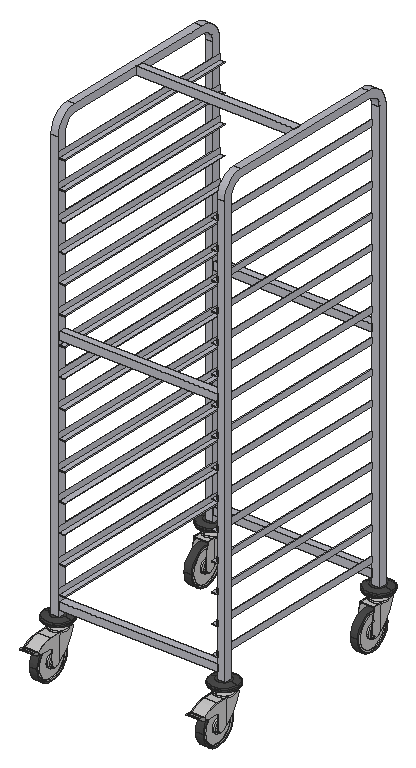
Revit family "QF_BOURGEAT_EXEPTIO_Gamme_renforcée_Démontables", category Equipement spécialisé, Revit 2015
Parameters (values of type "GN2/1-15 niveaux - Espacement 89 mm")
  URL catalogue = "http://www.bourgeat.fr"
  URL = ""
  Type article = ""
  Spécification du Fabricant = "Chariot à glissières démontables"
  Profondeur hors tout = 750 mm
  Profondeur echelle = Profondeur hors tout - 75 mm  # 675 mm
  Poids net à vide = 0.00 kg
  Niveaux = 15
  Modèle = "774915"
  Longueur hors tout = 660 mm
  Hauteur hors tout = 1700 mm
  Hauteur echelle = Hauteur hors tout - 159.4 mm  # 1540.6 mm
  Fabricant = "BOURGEAT"
  Entrée = 530 mm
  Description = ""
  Contact SAV = "0033(4).76.32.14.44"
  Type Comments = ""
  Charge maximale = "20 kg par gilssière 250 kg par chariot"
  Charge max = 250.00 kg
  Certification = "NF Alimentaire"
  Barre renfort = Longueur hors tout - 125 mm  # 535 mm
Types (9, lengths in mm): name | Profondeur hors tout | Profondeur echelle | Niveaux | Modèle | Longueur hors tout | Entrée | Charge maximale | Barre renfort
  (no name) | 750 | 675 | 15 | "774915" | 660 | 530 | "20 kg par gilssière 250 kg par chariot" | 535
  GN1/1-15 niveaux - Espacement 89 mm | 630 | 555 | 15 | "775915" | 460 | 325 | "20 kg par gilssière; 250 kg par chariot" | 335
  GN1/1-20 niveaux - Espacement 67 mm | 630 | 555 | 20 | "775920" | 460 | 325 | "20 kg par gilssière; 250 kg par chariot" | 335
  GN2/1-15 niveaux - Espacement 89 mm | 750 | 675 | 15 | "774915" | 660 | 530 | "20 kg par gilssière 250 kg par chariot" | 535
  GN2/1-20 niveaux - Espacement 67 mm | 750 | 675 | 20 | "774920" | 660 | 530 | "20 kg par gilssière; 250 kg par chariot" | 535
  "Pâtissier" 600x400-15 niveaux - Espacement 89 mm | 700 | 625 | 15 | "773915" | 540 | 410 | "20 kg par gilssière; 250 kg par chariot" | 415
  "Pâtissier" 600x400-20 niveaux - Espacement 67 mm | 700 | 625 | 20 | "773920" | 540 | 410 | "20 kg par gilssière; 250 kg par chariot" | 415
  "Pâtissier" 400x600-15 niveaux - Espacement 89 mm | 500 | 425 | 15 | "772915" | 730 | 600 | "20 kg par gilssière; 250 kg par chariot" | 605
  "Pâtissier" 400x600-20 niveaux - Espacement 67 mm | 500 | 425 | 20 | "772920" | 730 | 600 | "20 kg par gilssière; 250 kg par chariot" | 605
Reference planes
  plane 1 "Centre (avant/arrière)": y = 0
  plane 2: z = 0
  plane 3 "Centre (gauche/droite)": x = 0
  plane 4: y = 375
  plane 5: y = -375
  plane 6: x = -330
  plane 7: x = 330
  plane 8: x = -280
  plane 9: x = 280
  plane 10: y = -325
  plane 11: y = 325
  plane 12: z = 159.41
  plane 13: z = 1700
  plane 14: z = 203
  plane 15: z = 943.91
  plane 16: z = 1018.91
Dimensions and locks
  equal spacing: plane 6, plane 3 "Centre (gauche/droite)", plane 7
  equal spacing: plane 4, plane 1 "Centre (avant/arrière)", plane 5
  "Longueur hors tout": plane 6 to plane 7
  "Profondeur hors tout": plane 4 to plane 5
  locked: plane 4 to plane 11 at 50
  locked: plane 10 to plane 5 at 50
  locked: plane 9 to plane 7 at 50
  locked: plane 6 to plane 8 at 50
  locked: plane 12 to plane 2 at 159.41
  "Hauteur hors tout": plane 13 to level
  plane 14 to level = 203 mm
  plane 15 to plane 12 = 784.5 mm
  plane 16 to plane 12 = 859.5 mm
  aligned and locked: level to plane 2
  aligned and locked: plane 11 to nested 3
  aligned and locked: nested 3 to plane 9
  aligned and locked: nested 4 to plane 8
  aligned and locked: plane 11 to nested 4
  aligned and locked: plane 10 to nested 1
  aligned and locked: nested 1 to plane 8
  aligned and locked: plane 10 to nested 2
  aligned and locked: nested 2 to plane 9
  aligned and locked: nested 5 to plane 9
  aligned and locked: nested 6 to plane 8
  aligned and locked: nested 5 to plane 12
  aligned and locked: plane 12 to nested 6
  aligned and locked: nested 7 to plane 11
  aligned and locked: nested 7 to plane 14
  aligned and locked: nested 8 to plane 10
  aligned and locked: plane 13 to nested 9
  aligned and locked: plane 1 "Centre (avant/arrière)" to nested 9
  aligned and locked: nested 11 to plane 16
  aligned and locked: nested 10 to plane 15
  aligned and locked: nested 11 to plane 10
  aligned and locked: nested 10 to plane 11
Nested families
  nested 1: "ROULETTE" at (-280, -325, 0) x (-1, 0, 0) z (0, 0, 1), type "ROULETTE"
    with Sans frein no, Avec frein yes
  nested 2: "ROULETTE" at (280, -325, 0) x (-1, 0, 0) z (0, 0, 1), type "ROULETTE"
    with Sans frein no, Avec frein yes
  nested 3: "ROULETTE" at (280, 325, 0) x (-1, 0, 0) z (0, 0, 1), type "ROULETTE"
    with Sans frein yes, Avec frein no
  nested 4: "ROULETTE" at (-280, 325, 0) x (-1, 0, 0) z (0, 0, 1), type "ROULETTE"
    with Sans frein yes, Avec frein no
  nested 5: "Echelle soudée arrondie" at (280, 0, 159.41) x (0, -1, 0) z (0, 0, 1), Hauteur <- "Hauteur echelle", Niveaux <- "Niveaux", type "Echelle soudée arrondie"
    with Niveaux 15, Hauteur 1540.6 mm, Profondeur 675 mm
  nested 6: "Echelle soudée arrondie" at (-280, 0, 159.41) x (0, -1, 0) z (0, 0, 1), Hauteur <- "Hauteur echelle", Niveaux <- "Niveaux", type "Echelle soudée arrondie"
    with Niveaux 15, Hauteur 1540.6 mm, Profondeur 675 mm
  nested 7: "Barre de renfort" at (0, 325, 215.5), type "Barre de renfort"
    with Longueur 535 mm
  nested 8: "Barre de renfort" at (0, -325, 215.5), type "Barre de renfort"
    with Longueur 535 mm
  nested 9: "Barre de renfort" at (0, 0, 1687.5), type "Barre de renfort"
    with Longueur 535 mm
  nested 10: "Barre de renfort" at (0, 325, 956.41), type "Barre de renfort"
    with Longueur 535 mm
  nested 11: "Barre de renfort" at (0, -325, 1031.41), type "Barre de renfort"
    with Longueur 535 mm
Definition of nested family "ROULETTE"
  Parameters (values of type "ROULETTE")
    Sans frein [instance] = yes
    Avec frein [instance] = yes
  Reference planes
    plane 1 "Centre (avant/arrière)": y = 0
    plane 2: z = 0
    plane 3 "Centre (gauche/droite)": x = 0
    plane 4: y = 40.851
    plane 5: z = 62.5
  Forms (mm)
    Extrusion 1, solid
      sketch origin (0, 0, 0) x (0, 1, 0) y (0, 0, 1)
        loop
          circle (40.851, 62.5) r 62.5
        loop
          circle (40.851, 62.5) r 57.5
      from -12.5 to 12.5
    Revolve 2, solid
      sketch origin (0, 0, 30.333) x (1, 0, 0) y (0, 0, 1)
        loop
          line (0, 151.667) -> (-25, 151.667) -> (-45.338, 146.217)
          arc (-45.338, 146.217) -> (-46.897, 145.175) -> (-47.5, 143.4) r 2.917
          line (-47.5, 143.4) -> (-47.5, 138.833)
          arc (-47.5, 138.833) -> (-47.012, 137.655) -> (-45.833, 137.167) r 1.667
          line (-45.833, 137.167) -> (-24.607, 137.167) -> (-24, 132.667) -> (0, 132.667) -> (0, 151.667)
        axis (0, 151.667) -> (0, 132.667)
      angle from 0 to 360
    Revolve 3, solid
      sketch origin (0, 0, 0) x (0, 1, 0) y (0, 0, 1)
        loop
          line (0, 163) -> (-20.149, 163) -> (-20.149, 159.41) -> (-21.6, 159.41)
          arc (-21.6, 159.41) -> (-24.448, 158.65) -> (-26.537, 156.572) r 5.712
          line (-26.537, 156.572) -> (-30.146, 147.743) -> (-26.999, 147.062) -> (-26.999, 146.112)
          arc (-26.999, 146.112) -> (-27.23, 145.314) -> (-27.849, 144.761) r 1.5
          arc (-27.849, 144.761) -> (-29.223, 143.633) -> (-29.923, 142) r 3.75
          line (-29.923, 142) -> (0, 142) -> (0, 163)
        axis (0, 163) -> (0, 142)
      angle from 0 to 360
    Extrusion 4, solid
      sketch origin (0, 0, 0) x (0, 1, 0) y (0, 0, -1)
        loop
          line (-29.974, -138.241) -> (-29.974, -142) -> (21.747, -142) -> (21.747, -60.336)
          arc (21.747, -60.336) -> (10.272, -70.702) -> (-0.149, -82.127) r 160.057
          arc (-0.149, -82.127) -> (-17.883, -108.684) -> (-29.974, -138.241) r 159.585
      from -24.913 to -23.038
    Extrusion 5, solid
      sketch origin (0, 0, 0) x (0, 1, 0) y (0, 0, 1)
        loop
          line (-29.974, 142) -> (-29.974, 140.869) -> (21.747, 140.869) -> (21.747, 142) -> (-29.974, 142)
      from -23.038 to 23.038
    Extrusion 6, solid
      sketch origin (0, 0, 0) x (0, 1, 0) y (0, 0, 1)
        loop
          circle (40.851, 62.5) r 57.5
        loop
          circle (40.851, 62.5) r 55
      from -12.5 to 12.5
    Extrusion 7, solid
      sketch origin (0, 0, 0) x (0, 1, 0) y (0, 0, 1)
        loop
          circle (40.851, 62.5) r 55
      from -7 to 7
    Extrusion 8, solid
      sketch origin (0, 0, 0) x (0, 1, 0) y (0, 0, 1)
        loop
          circle (40.851, 62.5) r 21
      from 7 to 15
    Extrusion 9, solid
      sketch origin (0, 0, 0) x (0, 1, 0) y (0, 0, -1)
        loop
          circle (40.851, -62.5) r 16
      from -23.038 to -15
    Extrusion 10, solid, visible <- "Sans frein"
      sketch origin (0, 0, 0) x (0, 1, 0) y (0, 0, 1)
        loop
          arc (21.747, 60.336) -> (23.188, 59.17) -> (24.642, 58.02) r 161.23
          arc (24.642, 58.02) -> (29.34, 54.513) -> (34.187, 51.216) r 133.333
          arc (34.187, 51.216) -> (46.517, 50.3) -> (53.927, 60.198) r 12.867
          arc (53.927, 60.198) -> (54.714, 99.183) -> (46.119, 137.216) r 161.222
          arc (46.119, 137.216) -> (45.679, 138.887) -> (45.531, 140.609) r 10.076
          line (45.531, 140.609) -> (45.531, 142) -> (21.747, 142) -> (21.747, 60.336)
      from 23.038 to 24.913
    Extrusion 11, solid, visible <- "Sans frein"
      sketch origin (0, 0, 0) x (0, 1, 0) y (0, 0, 1)
        loop
          line (21.747, 142) -> (21.747, 140.701) -> (48.851, 140.701) -> (48.851, 142) -> (21.747, 142)
      from -23.038 to 23.038
    Extrusion 12, solid, visible <- "Avec frein"
      sketch origin (0, 0, 0) x (0, 1, 0) y (0, 0, 1)
        loop
          line (21.747, 142) -> (21.747, 60.336)
          arc (21.747, 60.336) -> (23.177, 59.179) -> (24.62, 58.038) r 160.008
          arc (24.62, 58.038) -> (29.041, 54.705) -> (33.574, 51.527) r 160
          arc (33.574, 51.527) -> (46.135, 50.422) -> (53.724, 60.491) r 13
          arc (53.724, 60.491) -> (55.279, 82.092) -> (53.902, 103.704) r 160
          arc (53.902, 103.704) -> (55.53, 108.653) -> (60.415, 110.463) r 6
          arc (60.415, 110.463) -> (80.625, 109.924) -> (100.725, 112.107) r 150
          arc (100.725, 112.107) -> (104.408, 113.406) -> (107.479, 115.819) r 12
          line (107.479, 115.819) -> (110.851, 121.523)
          arc (110.851, 121.523) -> (85.913, 134.651) -> (58.706, 142) r 127.902
          line (58.706, 142) -> (21.747, 142)
      from 23.038 to 24.913
    Extrusion 13, solid, visible <- "Avec frein"
      sketch origin (0, 0, 0) x (0, 1, 0) y (0, 0, 1)
        loop
          line (58.706, 142) -> (21.747, 142) -> (21.747, 140) -> (58.552, 140)
          arc (58.552, 140) -> (85.253, 132.762) -> (109.73, 119.866) r 125.902
          line (109.73, 119.866) -> (110.851, 121.523)
          arc (110.851, 121.523) -> (85.913, 134.651) -> (58.706, 142) r 127.902
      from -23.038 to 23.038
    Extrusion 14, solid, visible <- "Avec frein"
      sketch origin (0, 19.896, 18.175) x (0, 1, 0) y (0, 0, 1)
        loop
          line (87.583, 97.644) -> (91.829, 95.227)
          arc (91.829, 95.227) -> (93.8, 95.006) -> (95.312, 96.29) r 2.5
          arc (95.312, 96.29) -> (103.495, 100.002) -> (111.176, 104.666) r 74.999
          line (111.176, 104.666) -> (110.852, 105.929)
          arc (110.852, 105.929) -> (110.04, 107.086) -> (108.666, 107.417) r 2
          arc (108.666, 107.417) -> (101.396, 105.849) -> (94.512, 103.034) r 42.354
          line (94.512, 103.034) -> (93.479, 101.228) -> (93.285, 100.414) -> (91.69, 101.675) -> (90.401, 102.412) -> (87.583, 97.644)
      from -23.038 to 23.038
    Extrusion 15, solid, not visible
      sketch origin (0, 0, 0) x (0, 1, 0) y (0, 0, 1)
        loop
          circle (34.167, 52.083) r 52.083
        loop
          circle (34.167, 52.083) r 47.917
      from -12.5 to 12.5
    Revolve 16, solid, not visible
      sketch origin (0, 0, 0) x (1, 0, 0) y (0, 0, 1)
        loop
          line (0, 151.667) -> (-20.833, 151.667) -> (-37.422, 147.222)
          arc (-37.422, 147.222) -> (-38.981, 146.18) -> (-39.583, 144.405) r 2.917
          line (-39.583, 144.405) -> (-39.583, 141.25)
          arc (-39.583, 141.25) -> (-39.095, 140.071) -> (-37.917, 139.583) r 1.667
          line (-37.917, 139.583) -> (-20.506, 139.583) -> (-20, 135.833) -> (0, 135.833) -> (0, 151.667)
        axis (0, 151.667) -> (0, 135.833)
      angle from 0 to 360
    Revolve 17, solid, not visible
      sketch origin (0, 0, 0) x (0, 1, 0) y (0, 0, 1)
        loop
          line (-16.667, 135.833) -> (-16.667, 132.842) -> (-17.876, 132.842)
          arc (-17.876, 132.842) -> (-20.158, 132.259) -> (-21.881, 130.654) r 4.76
          arc (-21.881, 130.654) -> (-23.777, 127.026) -> (-24.997, 123.12) r 22.917
          line (-24.997, 123.12) -> (-22.375, 122.552) -> (-22.375, 121.76)
          arc (-22.375, 121.76) -> (-22.567, 121.095) -> (-23.083, 120.634) r 1.25
          arc (-23.083, 120.634) -> (-24.375, 119.481) -> (-24.854, 117.818) r 3.125
          line (-24.854, 117.818) -> (0, 117.818) -> (0, 135.833) -> (-16.667, 135.833)
        axis (0, 135.833) -> (0, 117.818)
      angle from 0 to 360
    Extrusion 18, solid, not visible
      sketch origin (0, 0, 0) x (0, 1, 0) y (0, 0, -1)
        loop
          line (-24.854, -115.199) -> (-24.854, -117.818) -> (18.247, -117.818) -> (18.247, -50.28) -> (15.456, -52.631) -> (0, -68.439)
          arc (0, -68.439) -> (-14.771, -90.573) -> (-24.854, -115.199) r 133.414
      from -24.913 to -23.038
    Extrusion 19, solid, not visible
      sketch origin (0, 0, 0) x (0, 1, 0) y (0, 0, 1)
        loop
          line (-24.854, 117.818) -> (-24.854, 116.875) -> (18.247, 116.875) -> (18.247, 117.818) -> (-24.854, 117.818)
      from -23.038 to 23.038
    Extrusion 20, solid, not visible
      sketch origin (0, 0, 0) x (0, 1, 0) y (0, 0, 1)
        loop
          circle (34.167, 52.083) r 47.917
        loop
          circle (34.167, 52.083) r 45.833
      from -12.5 to 12.5
    Extrusion 21, solid, not visible
      sketch origin (0, 0, 0) x (0, 1, 0) y (0, 0, 1)
        loop
          circle (34.167, 52.083) r 45.833
        loop
          circle (34.167, 52.083) r 17.5
      from -7 to 7
    Extrusion 22, solid, not visible
      sketch origin (0, 0, 0) x (0, 1, 0) y (0, 0, 1)
        loop
          circle (34.167, 52.083) r 17.5
      from -15 to 15
    Extrusion 23, solid, not visible
      sketch origin (0, 0, 0) x (0, 1, 0) y (0, 0, 1)
        loop
          circle (34.167, 52.083) r 12.5
      from -23.038 to -15
    Extrusion 24, solid, not visible
      sketch origin (0, 0, 0) x (0, 1, 0) y (0, 0, -1)
        loop
          circle (34.167, -52.083) r 12.5
      from -23.038 to -15
    Extrusion 25, solid, not visible
      sketch origin (0, 0, 0) x (0, 1, 0) y (0, 0, 1)
        loop
          arc (-24.854, 115.199) -> (-14.771, 90.573) -> (0, 68.439) r 133.414
          line (0, 68.439) -> (15.456, 52.631) -> (18.247, 50.28) -> (18.247, 117.818) -> (-24.854, 117.818) -> (-24.854, 115.199)
      from -24.913 to -23.038
    Extrusion 26, solid, visible <- "Sans frein", not visible
      sketch origin (0, 0, 0) x (0, 1, 0) y (0, 0, 1)
        loop
          arc (18.247, 50.28) -> (19.439, 49.316) -> (20.641, 48.365) r 133.34
          arc (20.641, 48.365) -> (24.325, 45.588) -> (28.103, 42.939) r 133.333
          arc (28.103, 42.939) -> (38.57, 42.018) -> (44.895, 50.409) r 10.833
          arc (44.895, 50.409) -> (45.499, 82.529) -> (38.403, 113.861) r 133.333
          arc (38.403, 113.861) -> (38.039, 115.243) -> (37.917, 116.667) r 8.333
          line (37.917, 116.667) -> (37.917, 117.818) -> (18.247, 117.818) -> (18.247, 50.28)
      from 23.038 to 24.913
    Extrusion 27, solid, visible <- "Sans frein", not visible
      sketch origin (0, 0, 0) x (0, 1, 0) y (0, 0, -1)
        loop
          line (18.247, -50.28) -> (18.247, -117.818) -> (37.917, -117.818) -> (37.917, -116.667)
          arc (37.917, -116.667) -> (38.039, -115.243) -> (38.403, -113.861) r 8.333
          arc (38.403, -113.861) -> (45.499, -82.529) -> (44.895, -50.409) r 133.333
          arc (44.895, -50.409) -> (38.57, -42.018) -> (28.103, -42.939) r 10.833
          arc (28.103, -42.939) -> (24.325, -45.588) -> (20.641, -48.365) r 133.333
          arc (20.641, -48.365) -> (19.439, -49.316) -> (18.247, -50.28) r 133.34
      from 23.038 to 24.913
    Extrusion 28, solid, visible <- "Sans frein", not visible
      sketch origin (0, 0, 0) x (0, 1, 0) y (0, 0, 1)
        loop
          line (18.247, 117.818) -> (18.247, 116.875) -> (37.917, 116.875) -> (37.917, 117.818) -> (18.247, 117.818)
      from -23.038 to 23.038
    Extrusion 29, solid, visible <- "Avec frein", not visible
      sketch origin (0, 0, 0) x (0, 1, 0) y (0, 0, 1)
        loop
          arc (18.247, 50.28) -> (19.439, 49.316) -> (20.641, 48.365) r 133.34
          arc (20.641, 48.365) -> (24.325, 45.588) -> (28.103, 42.939) r 133.333
          arc (28.103, 42.939) -> (38.57, 42.018) -> (44.895, 50.409) r 10.833
          arc (44.895, 50.409) -> (46.191, 68.96) -> (44.895, 87.51) r 133.333
          arc (44.895, 87.51) -> (46.675, 90.916) -> (50.346, 92.053) r 5
          arc (50.346, 92.053) -> (67.188, 91.603) -> (83.937, 93.422) r 125
          arc (83.937, 93.422) -> (87.006, 94.505) -> (89.566, 96.516) r 10
          line (89.566, 96.516) -> (92.375, 101.269) -> (92.894, 102.146)
          arc (92.894, 102.146) -> (72.773, 111.524) -> (51.484, 117.818) r 149.407
          line (51.484, 117.818) -> (18.247, 117.818) -> (18.247, 50.28)
      from 23.038 to 24.913
    Extrusion 30, solid, visible <- "Avec frein", not visible
      sketch origin (0, 0, 0) x (0, 1, 0) y (0, 0, 1)
        loop
          line (18.247, 117.818) -> (18.247, 116.918) -> (51.387, 116.918)
          arc (51.387, 116.918) -> (72.489, 110.669) -> (92.436, 101.371) r 148.507
          line (92.436, 101.371) -> (92.894, 102.146)
          arc (92.894, 102.146) -> (72.773, 111.524) -> (51.484, 117.818) r 149.407
          line (51.484, 117.818) -> (18.247, 117.818)
      from -23.038 to 23.038
    Extrusion 31, solid, visible <- "Avec frein", not visible
      sketch origin (0, 0, 0) x (0, 1, 0) y (0, 0, -1)
        loop
          line (18.247, -50.28) -> (18.247, -117.818) -> (51.484, -117.818)
          arc (51.484, -117.818) -> (72.773, -111.524) -> (92.894, -102.146) r 149.407
          line (92.894, -102.146) -> (92.375, -101.269) -> (89.566, -96.516)
          arc (89.566, -96.516) -> (87.006, -94.505) -> (83.937, -93.422) r 10
          arc (83.937, -93.422) -> (67.188, -91.603) -> (50.346, -92.053) r 125
          arc (50.346, -92.053) -> (46.675, -90.916) -> (44.895, -87.51) r 5
          arc (44.895, -87.51) -> (46.191, -68.96) -> (44.895, -50.409) r 133.333
          arc (44.895, -50.409) -> (38.57, -42.018) -> (28.103, -42.939) r 10.833
          arc (28.103, -42.939) -> (24.325, -45.588) -> (20.641, -48.365) r 133.333
          arc (20.641, -48.365) -> (19.439, -49.316) -> (18.247, -50.28) r 133.34
      from 23.038 to 24.913
    Extrusion 32, solid, visible <- "Avec frein", not visible
      sketch origin (0, 0, 0) x (0, 1, 0) y (0, 0, 1)
        loop
          line (92.988, 99.875) -> (89.934, 101.621) -> (87.583, 97.644) -> (93.104, 94.501)
          arc (93.104, 94.501) -> (94.747, 94.317) -> (96.006, 95.387) r 2.083
          arc (96.006, 95.387) -> (102.826, 98.48) -> (109.226, 102.367) r 62.499
          line (109.226, 102.367) -> (108.956, 103.42)
          arc (108.956, 103.42) -> (108.28, 104.384) -> (107.135, 104.66) r 1.667
          arc (107.135, 104.66) -> (101.536, 103.565) -> (96.139, 101.716) r 41.633
          arc (96.139, 101.716) -> (95.681, 101.427) -> (95.34, 101.007) r 1.667
          line (95.34, 101.007) -> (94.162, 98.947) -> (92.988, 99.875)
      from -23.038 to 23.038
    Extrusion 33, solid, not visible
      sketch origin (0, 0, 0) x (0, 1, 0) y (0, 0, -1)
        loop
          line (-29.974, -138.241) -> (-29.974, -142) -> (21.747, -142) -> (21.747, -60.336)
          arc (21.747, -60.336) -> (10.272, -70.702) -> (-0.149, -82.127) r 160.057
          arc (-0.149, -82.127) -> (-17.883, -108.684) -> (-29.974, -138.241) r 159.585
      from -24.913 to -23.038
    Extrusion 34, solid, not visible
      sketch origin (0, 0, 0) x (0, 1, 0) y (0, 0, 1)
        loop
          circle (40.851, 62.5) r 21
      from 7 to 15
    Extrusion 35, solid, not visible
      sketch origin (0, 0, 0) x (0, 1, 0) y (0, 0, -1)
        loop
          circle (40.851, -62.5) r 16
      from -23.038 to -15
    Extrusion 36, solid, visible <- "Sans frein", not visible
      sketch origin (0, 0, 0) x (0, 1, 0) y (0, 0, 1)
        loop
          arc (21.747, 60.336) -> (23.188, 59.17) -> (24.642, 58.02) r 161.23
          arc (24.642, 58.02) -> (29.34, 54.513) -> (34.187, 51.216) r 133.333
          arc (34.187, 51.216) -> (46.517, 50.3) -> (53.927, 60.198) r 12.867
          arc (53.927, 60.198) -> (54.714, 99.183) -> (46.119, 137.216) r 161.222
          arc (46.119, 137.216) -> (45.679, 138.887) -> (45.531, 140.609) r 10.076
          line (45.531, 140.609) -> (45.531, 142) -> (21.747, 142) -> (21.747, 60.336)
      from 23.038 to 24.913
    Extrusion 37, solid, visible <- "Avec frein", not visible
      sketch origin (0, 0, 0) x (0, 1, 0) y (0, 0, 1)
        loop
          line (21.747, 142) -> (21.747, 60.336)
          arc (21.747, 60.336) -> (23.177, 59.179) -> (24.62, 58.038) r 160.008
          arc (24.62, 58.038) -> (29.041, 54.705) -> (33.574, 51.527) r 160
          arc (33.574, 51.527) -> (46.135, 50.422) -> (53.724, 60.491) r 13
          arc (53.724, 60.491) -> (55.279, 82.092) -> (53.902, 103.704) r 160
          arc (53.902, 103.704) -> (55.53, 108.653) -> (60.415, 110.463) r 6
          arc (60.415, 110.463) -> (80.625, 109.924) -> (100.725, 112.107) r 150
          arc (100.725, 112.107) -> (104.408, 113.406) -> (107.479, 115.819) r 12
          line (107.479, 115.819) -> (110.851, 121.523)
          arc (110.851, 121.523) -> (85.913, 134.651) -> (58.706, 142) r 127.902
          line (58.706, 142) -> (21.747, 142)
      from 23.038 to 24.913
    Extrusion 38, solid
      sketch origin (0, 0, 0) x (0, -1, 0) y (0, 0, -1)
        loop
          arc (29.974, -138.241) -> (17.883, -108.684) -> (0.149, -82.127) r 159.585
          arc (0.149, -82.127) -> (-10.272, -70.702) -> (-21.747, -60.336) r 160.057
          line (-21.747, -60.336) -> (-21.747, -142) -> (29.974, -142) -> (29.974, -138.241)
      from -24.913 to -23.038
    Extrusion 39, solid
      sketch origin (0, 0, 0) x (0, -1, 0) y (0, 0, 1)
        loop
          circle (-40.851, 62.5) r 21
      from 7 to 15
    Extrusion 40, solid
      sketch origin (0, 0, 0) x (0, -1, 0) y (0, 0, -1)
        loop
          circle (-40.851, -62.5) r 16
      from -23.038 to -15
    Extrusion 41, solid, visible <- "Sans frein"
      sketch origin (0, 0, 0) x (0, -1, 0) y (0, 0, 1)
        loop
          line (-21.747, 60.336) -> (-21.747, 142) -> (-45.531, 142) -> (-45.531, 140.609)
          arc (-45.531, 140.609) -> (-45.679, 138.887) -> (-46.119, 137.216) r 10.076
          arc (-46.119, 137.216) -> (-54.714, 99.183) -> (-53.927, 60.198) r 161.222
          arc (-53.927, 60.198) -> (-46.517, 50.3) -> (-34.187, 51.216) r 12.867
          arc (-34.187, 51.216) -> (-29.34, 54.513) -> (-24.642, 58.02) r 133.333
          arc (-24.642, 58.02) -> (-23.188, 59.17) -> (-21.747, 60.336) r 161.23
      from 23.038 to 24.913
    Extrusion 42, solid, visible <- "Avec frein"
      sketch origin (0, 0, 0) x (0, -1, 0) y (0, 0, 1)
        loop
          line (-21.747, 142) -> (-58.706, 142)
          arc (-58.706, 142) -> (-85.913, 134.651) -> (-110.851, 121.523) r 127.902
          line (-110.851, 121.523) -> (-107.479, 115.819)
          arc (-107.479, 115.819) -> (-104.408, 113.406) -> (-100.725, 112.107) r 12
          arc (-100.725, 112.107) -> (-80.625, 109.924) -> (-60.415, 110.463) r 150
          arc (-60.415, 110.463) -> (-55.53, 108.653) -> (-53.902, 103.704) r 6
          arc (-53.902, 103.704) -> (-55.279, 82.092) -> (-53.724, 60.491) r 160
          arc (-53.724, 60.491) -> (-46.135, 50.422) -> (-33.574, 51.527) r 13
          arc (-33.574, 51.527) -> (-29.041, 54.705) -> (-24.62, 58.038) r 160
          arc (-24.62, 58.038) -> (-23.177, 59.179) -> (-21.747, 60.336) r 160.008
          line (-21.747, 60.336) -> (-21.747, 142)
      from 23.038 to 24.913
  Dimensions and locks
    aligned and locked: level to plane 2
Definition of nested family "Echelle soudée arrondie"
  Parameters (values of type "Echelle soudée arrondie")
    Profondeur = 350 mm
    Niveaux [instance] = 15
    Hauteur [instance] = 1200 mm
  Reference planes
    plane 1 "Centre (avant/arrière)": y = 0
    plane 2: z = 0
    plane 3 "Centre (gauche/droite)": x = 0
    plane 4: x = -175
    plane 5: x = 175
    plane 6: z = 1200
    plane 7: z = 1084.833
    plane 8: z = 107.333
  Forms (mm)
    Sweep 1, solid
      path origin (0, 0, 0) x (1, 0, 0) y (0, 0, 1)
        loop
          line (-175, 0) -> (-175, 1131.25)
          arc (-175, 1131.25) -> (-154.864, 1179.864) -> (-106.25, 1200) r 68.75
          line (-106.25, 1200) -> (106.25, 1200)
          arc (106.25, 1200) -> (154.864, 1179.864) -> (175, 1131.25) r 68.75
          line (175, 1131.25) -> (175, 0)
      profile origin (-175, 0, 565.625) x (-1, 0, 0) y (0, -1, 0)
        loop
          line (0, -12.5) -> (0, 12.5) -> (-25, 12.5) -> (-25, -12.5) -> (0, -12.5)
  Dimensions and locks
    "Profondeur": plane 5 to plane 4
    "Hauteur": plane 6 to level
    locked: plane 8 to plane 2 at 107.333
    locked: plane 6 to plane 7 at 115.167
    equal spacing: group 1, group 3, group 4, group 5, group 6, group 7, group 8, group 9, group 10, group 11, group 12, group 13, group 14, group 15, group 2  (x3)
    equal spacing: plane 5, plane 3 "Centre (gauche/droite)", plane 4
    aligned and locked: level to plane 2
    aligned and locked: plane 8 to nested 1
    aligned and locked: plane 7 to nested 2
  Automatic sketch dimensions
    Sweep 1 sketch curve to plane 4 = 0 mm
    Sweep 1 sketch curve to level = 0 mm  (x2)
    Sweep 1 sketch curve to plane 1 "Centre (avant/arrière)" = 12.5 mm
    Sweep 1 sketch curve to profile plane = 0 mm
    profile plane to Sweep 1 sketch curve = 25 mm
    plane 1 "Centre (avant/arrière)" to Sweep 1 sketch curve = 12.5 mm
    plane 4 to Sweep 1 sketch curve = 68.75 mm
    Sweep 1 sketch curve to Sweep 1 sketch curve = 68.75 mm
    Sweep 1 sketch curve to plane 6 = 0 mm
    Sweep 1 sketch curve to plane 5 = 0 mm
  Nested families
    nested 1: "GLISSIERE" at (0, -12.5, 87.333), Long Rail <- "Profondeur", type "GLISSIERE"
      with Long Rail 350 mm
    nested 2: "GLISSIERE" at (0, -12.5, 1064.833), Long Rail <- "Profondeur", type "GLISSIERE"
      with Long Rail 350 mm
    nested 3: "GLISSIERE" at (0, -12.5, 157.155), Long Rail <- "Profondeur", type "GLISSIERE"
      with Long Rail 350 mm
    nested 4: "GLISSIERE" at (0, -12.5, 226.976), Long Rail <- "Profondeur", type "GLISSIERE"
      with Long Rail 350 mm
    nested 5: "GLISSIERE" at (0, -12.5, 296.798), Long Rail <- "Profondeur", type "GLISSIERE"
      with Long Rail 350 mm
    nested 6: "GLISSIERE" at (0, -12.5, 366.619), Long Rail <- "Profondeur", type "GLISSIERE"
      with Long Rail 350 mm
    nested 7: "GLISSIERE" at (0, -12.5, 436.44), Long Rail <- "Profondeur", type "GLISSIERE"
      with Long Rail 350 mm
    nested 8: "GLISSIERE" at (0, -12.5, 506.262), Long Rail <- "Profondeur", type "GLISSIERE"
      with Long Rail 350 mm
    nested 9: "GLISSIERE" at (0, -12.5, 576.083), Long Rail <- "Profondeur", type "GLISSIERE"
      with Long Rail 350 mm
    nested 10: "GLISSIERE" at (0, -12.5, 645.905), Long Rail <- "Profondeur", type "GLISSIERE"
      with Long Rail 350 mm
    nested 11: "GLISSIERE" at (0, -12.5, 715.726), Long Rail <- "Profondeur", type "GLISSIERE"
      with Long Rail 350 mm
    nested 12: "GLISSIERE" at (0, -12.5, 785.548), Long Rail <- "Profondeur", type "GLISSIERE"
      with Long Rail 350 mm
    nested 13: "GLISSIERE" at (0, -12.5, 855.369), Long Rail <- "Profondeur", type "GLISSIERE"
      with Long Rail 350 mm
    nested 14: "GLISSIERE" at (0, -12.5, 925.19), Long Rail <- "Profondeur", type "GLISSIERE"
      with Long Rail 350 mm
    nested 15: "GLISSIERE" at (0, -12.5, 995.012), Long Rail <- "Profondeur", type "GLISSIERE"
      with Long Rail 350 mm
  Definition of nested family "GLISSIERE"
    Parameters (values of type "GLISSIERE")
      Long Rail [instance] = 1000 mm
      Finition = none
    Reference planes
      plane 1 "Centre (avant/arrière)": y = 0
      plane 2: z = 0
      plane 3 "Centre (gauche/droite)": x = 0
      plane 4: x = -500
      plane 5: x = 500
    Forms (mm)
      Extrusion 1, solid, material <- "Finition"
        sketch origin (0, 0, 0) x (0, 1, 0) y (0, 0, 1)
          loop
            line (0, 20) -> (-2, 20) -> (-2, 2) -> (-20, 2) -> (-20, 0) -> (0, 0) -> (0, 20)
        from -500 to 500
    Dimensions and locks
      equal spacing: plane 4, plane 3 "Centre (gauche/droite)", plane 5
      "Long Rail": plane 4 to plane 5
      aligned and locked: level to plane 2
      aligned and locked: Extrusion 1 to plane 4
      aligned and locked: plane 5 to Extrusion 1
    Automatic sketch dimensions
      plane 1 "Centre (avant/arrière)" to Extrusion 1 sketch curve = 2 mm
      level to Extrusion 1 sketch curve = 2 mm
      Extrusion 1 sketch curve to Extrusion 1 sketch curve = 18 mm  (x2)
      Extrusion 1 sketch curve to plane 1 "Centre (avant/arrière)" = 0 mm
      Extrusion 1 sketch curve to level = 0 mm
Definition of nested family "Barre de renfort"
  Parameters (values of type "Barre de renfort")
    Longueur = 1240 mm
  Reference planes
    plane 1 "Centre (avant/arrière)": y = 0
    plane 2: z = 0
    plane 3 "Centre (gauche/droite)": x = 0
    plane 4: x = -620
    plane 5: x = 620
  Forms (mm)
    Extrusion 1, solid
      sketch origin (0, 0, 0) x (0, 1, 0) y (0, 0, 1)
        loop
          line (-12.5, 12.5) -> (-12.5, -12.5) -> (12.5, -12.5) -> (12.5, 12.5) -> (-12.5, 12.5)
      from -620 to 620
  Dimensions and locks
    equal spacing: plane 4, plane 3 "Centre (gauche/droite)", plane 5
    "Longueur": plane 4 to plane 5
    aligned and locked: level to plane 2
    aligned and locked: plane 5 to Extrusion 1
    aligned and locked: Extrusion 1 to plane 4
  Automatic sketch dimensions
    plane 1 "Centre (avant/arrière)" to Extrusion 1 sketch curve = 12.5 mm
    Extrusion 1 sketch curve to plane 1 "Centre (avant/arrière)" = 12.5 mm
    Extrusion 1 sketch curve to level = 12.5 mm
    level to Extrusion 1 sketch curve = 12.5 mm
